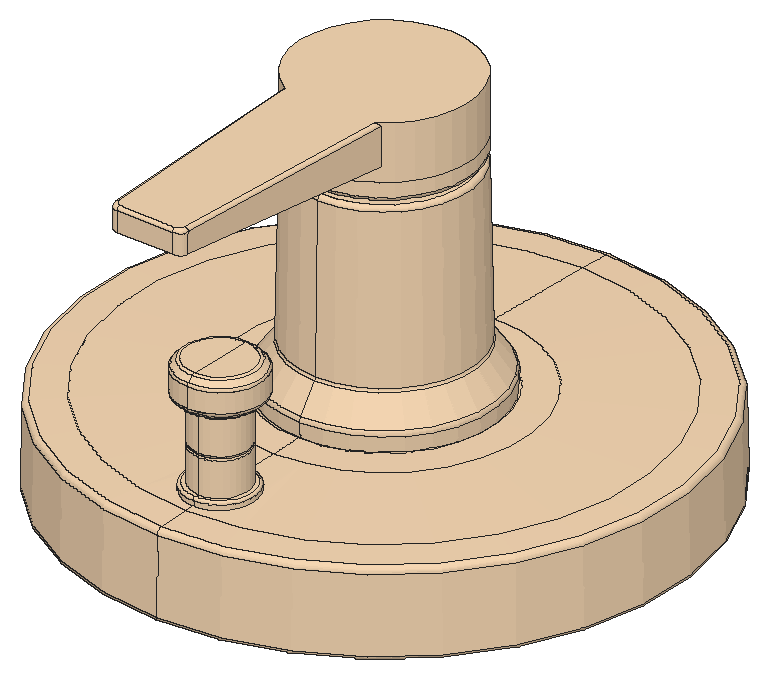
Revit family "Shower-Valve_Trim-KOHLER-Pitch-K-T49988_1", category Specialty Equipment, host Face, Revit 2021
Family settings
  Host = Face
  Round Connector Dimension = Use Diameter
  Part Type = Normal
  OmniClass Number = 23.31.25.00
  OmniClass Title = Toilet and Bath Specialties
  Cut with Voids When Loaded = No
  Shared = No
  Room Calculation Point = No
Parameters (values of type "2MB-Vibrant Brushed Moderne Brass")
  Width = 6 3/8"  # constant formula
  WaterSense Certified = 1 = 0  # no
  URL = "https://www.us.kohler.com/us/"
  Type = 1
  Product Page URL = "http://www.us.kohler.com/us/catalog/productDetails.jsp?productNumber=T49988-4"
  Product Name = "Pitch"  # constant formula
  Product Documentation Link = "https://www.us.kohler.com/webassets/kpna/catalog/pdf/en/K-T49988-4_spec_US-CA_Kohler_en.pdf"
  Model = if(Type = 1, "K-T49988-4-2MB", if(Type = 2, "K-T49988-4-BL", if(Type = 3, "K-T49988-4-BN", if(Type = 4, "K-T49988-4-CP", "NA"))))  # "K-T49988-4-2MB"
  Material = "Premium Metal Construction"  # constant formula
  Master Format 2014 Name = "Toilet, Bath, and Laundry Accessories"  # constant formula
  Master Format 2014 = "10 28 00"  # constant formula
  Manufacturer Address = "444 Highland Dr, Kohler, WI 53044"  # constant formula
  Manufacturer = "Kohler Co."  # constant formula
  Length = 4 29/256"  # constant formula
  Height = 6 49/128"  # constant formula
  Handle Clearance = 3 45/128"  # constant formula
  Finish = Kohler-Metal-2MB-Vibrant_Brushed_Moderne_Brass
  Environmental Product Declaration = ""
  Description = "Rite Temp Trim With Diverter"  # constant formula
  Default Elevation = 42"
  Declare Label = ""
  Date Modified = "06/29/2023"  # constant formula
  Date Created = "06/29/2023"  # constant formula
  Copyright = "Copyright Kohler Co."  # constant formula
  Contact Us = "https://www.us.kohler.com/us/static/contact.jsp"
  Assembly Code = "C1030200"
  ADA Compliant = 1 = 0  # no
Types (5): name | Type | Model | Finish
  (no name) | 1 | "K-T49988-4-2MB" | Kohler-Metal-2MB-Vibrant_Brushed_Moderne_Brass
  2MB-Vibrant Brushed Moderne Brass | 1 | "K-T49988-4-2MB" | Kohler-Metal-2MB-Vibrant_Brushed_Moderne_Brass
  BL-Matte Black | 2 | "K-T49988-4-BL" | Kohler-Metal-BL-Matte_Black
  BN-Vibrant Brushed Nickel | 3 | "K-T49988-4-BN" | Kohler-Metal-BN-Vibrant_Brushed_Nickel
  CP-Polished Chrome | 4 | "K-T49988-4-CP" | Kohler-Metal-CP-Polished_Chrome
Reference planes (in)
  plane 1 "Center (Front/Back)": y = 0
  plane 2: z = 0
  plane 3 "Center (Left/Right)": x = 0
  plane 4: z = 4.11328
  plane 5: y = 3.19075
  plane 6: y = 1.18802
  plane 7: y = -1.18802
  plane 8: y = -1.84689
  plane 9: y = -2.3
  plane 10: y = -2.75311
  plane 11: y = -3.19206
  plane 12: z = 2.25518
  plane 13: y = -3.35156
  plane 14: x = 3.18726
  plane 15: x = -3.18774
  plane 16: x = -0.96195
  plane 17: x = 0.96195
  plane 18: z = 0.96384
Dimensions and locks (in)
  plane 6 to plane 7 = 2.37604"
  "Handle Clearance": plane 1 "Center (Front/Back)" to plane 13
  "Width": plane 15 to plane 14
  "Height": plane 11 to plane 5
  "Length": plane 4 to level
  plane 17 to plane 16 = 1.92389"
  plane 18 to level = 0.96384"
  aligned and locked: plane 2 to host face
  aligned and locked: level to host face
  aligned and locked: plane 3 "Center (Left/Right)" to nested 1
  aligned and locked: plane 1 "Center (Front/Back)" to nested 1
Automatic sketch dimensions
  host sketch curve to host sketch curve = 96"  (x2)
Nested families (in)
  nested 1: "K-T49988" at (0, 0, 0), type "K-T49988"
Definition of nested family "K-T49988"
  Parameters
    Material = none
    Default Elevation = 0"
  Reference planes (in)
    plane 1 "Center (Front/Back)": y = 0
    plane 2: z = 0
    plane 3 "Center (Left/Right)": x = 0
    plane 4: z = 4.11456
    plane 5: y = 3.19075
    plane 6: y = -2.3
    plane 7: x = 3.18726
    plane 8: x = -3.18726
    plane 9: y = -1.84689
    plane 10: y = -2.75311
    plane 11: y = 1.18802
    plane 12: y = -1.18802
    plane 13: x = -0.96195
    plane 14: x = 0.96195
    plane 15: z = 2.25518
    plane 16: y = -3.35228
    plane 17: y = -3.19075
    plane 18: z = 0.96384
  Forms (in)
    Revolve 1, solid, material <- "Material", detail levels medium+fine
      sketch origin (0, 0, 0) x (0, 1, 0) y (0, 0, 1)
        loop
          arc (3.17715, 0.84931) -> (3.1583, 0.89426) -> (3.11366, 0.91381) r 0.06561
          arc (3.11366, 0.91381) -> (2.94417, 0.91966) -> (2.77471, 0.92628) r 36.90279
          arc (2.77471, 0.92628) -> (2.16006, 0.94732) -> (1.54518, 0.95951) r 42.80413
          arc (1.54518, 0.95951) -> (1.37453, 0.96148) -> (1.20388, 0.96306) r 75.45229
          arc (1.20388, 0.96306) -> (1.18157, 0.95553) -> (1.1687, 0.9358) r 0.03596
          line (1.1687, 0.9358) -> (1.07595, 0.56382) -> (0, 0.56382) -> (0, 0) -> (3.16037, 0)
          arc (3.16037, 0) -> (3.182, 0.00907) -> (3.19071, 0.03085) r 0.03035
          line (3.19071, 0.03085) -> (3.17715, 0.84931)
        axis (0, 0.96306) -> (0, 0)
      angle from 0 to 360
    Revolve 2, solid, material <- "Material", detail levels medium+fine
      sketch origin (0, 0, 0) x (0, 1, 0) y (0, 0, 1)
        loop
          line (0.95889, 1.46944) -> (0.92826, 3.2243)
          arc (0.92826, 3.2243) -> (0.91356, 3.25851) -> (0.87909, 3.27262) r 0.04918
          line (0.87909, 3.27262) -> (0, 3.27262) -> (0, 0.86084) -> (1.17059, 0.86084) -> (1.18359, 1.10901)
          arc (1.18359, 1.10901) -> (1.18016, 1.13799) -> (1.16726, 1.16416) r 0.08616
          line (1.16726, 1.16416) -> (0.97036, 1.43518)
          arc (0.97036, 1.43518) -> (0.96199, 1.45143) -> (0.95889, 1.46944) r 0.06008
        loop
          line (0.92557, 3.36965) -> (0.92557, 3.52323) -> (0, 3.52323) -> (0, 3.33221) -> (0.88813, 3.33221)
          arc (0.88813, 3.33221) -> (0.91461, 3.34318) -> (0.92557, 3.36965) r 0.03744
        axis (0, 0.86084) -> (0, 3.52323)
      angle from 0 to 360
    Revolve 3, solid, material <- "Material", detail levels medium+fine
      sketch origin (0, 0, 0) x (0, 1, 0) y (0, 0, 1)
        loop
          arc (-1.92458, 0.98408) -> (-1.9325, 1.00319) -> (-1.9516, 1.0111) r 0.02702
          line (-1.9516, 1.0111) -> (-1.99925, 1.0111) -> (-1.99925, 1.3829)
          arc (-1.99925, 1.3829) -> (-2.00502, 1.39736) -> (-2.01915, 1.4039) r 0.02103
          arc (-2.01915, 1.4039) -> (-2.00508, 1.40972) -> (-1.99925, 1.42379) r 0.01989
          line (-1.99925, 1.42379) -> (-1.99925, 1.83028)
          arc (-1.99925, 1.83028) -> (-1.99079, 1.85072) -> (-1.97034, 1.85919) r 0.02892
          line (-1.97034, 1.85919) -> (-1.92403, 1.85919)
          arc (-1.92403, 1.85919) -> (-1.90873, 1.86224) -> (-1.89575, 1.87091) r 0.03999
          line (-1.89575, 1.87091) -> (-1.8616, 1.90506)
          arc (-1.8616, 1.90506) -> (-1.85061, 1.9215) -> (-1.84675, 1.94089) r 0.05067
          line (-1.84675, 1.94089) -> (-1.84675, 2.15721)
          arc (-1.84675, 2.15721) -> (-1.85019, 2.17448) -> (-1.85998, 2.18913) r 0.04514
          line (-1.85998, 2.18913) -> (-1.91223, 2.24138)
          arc (-1.91223, 2.24138) -> (-1.92701, 2.25125) -> (-1.94444, 2.25472) r 0.04555
          line (-1.94444, 2.25472) -> (-2.3, 2.25472) -> (-2.3, 0.81425) -> (-1.92458, 0.81425) -> (-1.92458, 0.98408)
        axis (-2.3, 0.81425) -> (-2.3, 2.25472)
      angle from 0 to 360
    Extrusion 4, solid, material <- "Material", detail levels medium+fine
      sketch origin (0, 0, 0) x (1, 0, 0) y (0, 1, 0)
        loop
          circle (0, 0) r 0.92557
      from 3.52323 to 4.1154
    Sweep 5, solid, material <- "Material", detail levels medium+fine
      path origin (0, 0, 0) x (1, 0, 0) y (0, 1, 0)
        loop
          line (-0.53438, -0.44246) -> (-0.4082, -3.25826)
          arc (-0.4082, -3.25826) -> (-0.37789, -3.32499) -> (-0.30987, -3.35228) r 0.09843
          line (-0.30987, -3.35228) -> (0.31022, -3.35228)
          arc (0.31022, -3.35228) -> (0.37782, -3.32539) -> (0.40849, -3.25942) r 0.09843
          line (0.40849, -3.25942) -> (0.56808, -0.44246)
      profile origin (0.00017, -3.35228, 0) x (0, -1, 0) y (0, 0, 1)
        loop
          arc (0, 4.07818) -> (-0.0109, 4.1045) -> (-0.03723, 4.1154) r 0.03723
          line (-0.03723, 4.1154) -> (-0.06812, 4.1154) -> (-0.06812, 3.65267) -> (0, 3.65267) -> (0, 4.07818)
    Sweep 6, void
      path origin (0, 0, 0) x (0, 1, 0) y (0, 0, 1)
        loop
          line (-4.00661, 3.90833) -> (0.3241, 3.6055)
      profile origin (0, -1.84125, 3.75691) x (0, 0.069756, 0.997564) y (1, 0, 0)
        loop
          line (-0.28134, -0.55601) -> (0, -0.55601) -> (0, 0.55601) -> (-0.28134, 0.55601) -> (-0.28134, -0.55601)
    Extrusion 7, solid, material <- "Material", detail levels medium+fine
      sketch origin (0, 0, 0) x (1, 0, 0) y (0, 1, 0)
        loop
          arc (0.31022, -3.28416) -> (0.33103, -3.27588) -> (0.34048, -3.25557) r 0.03031
          line (0.34048, -3.25557) -> (0.50007, -0.43861) -> (-0.46636, -0.43861) -> (-0.34015, -3.25521)
          arc (-0.34015, -3.25521) -> (-0.33082, -3.27576) -> (-0.30987, -3.28416) r 0.03031
          line (-0.30987, -3.28416) -> (0.31022, -3.28416)
      from 3.65267 to 4.1154
    Revolve 8, solid, detail levels medium+fine
      sketch origin (0, 0, 0) x (0, 1, 0) y (0, 0, 1)
        loop
          line (0.405, 3.31067) -> (0, 3.31067) -> (0, 3.27067) -> (0.405, 3.27067) -> (0.405, 3.31067)
        axis (0, 3.27067) -> (0, 3.31067)
      angle from 0 to 360
    Extrusion 9, solid, material <- "Material", detail levels medium+fine
      sketch origin (0, 0, 0) x (1, 0, 0) y (0, 1, 0)
        loop
          arc (0.30488, 0.20005) -> (0.27475, 0.2728) -> (0.202, 0.30293) r 0.10287
          line (0.202, 0.30293) -> (-0.20012, 0.30293)
          arc (-0.20012, 0.30293) -> (-0.27348, 0.27254) -> (-0.30387, 0.19918) r 0.10375
          line (-0.30387, 0.19918) -> (-0.30387, -0.19648)
          arc (-0.30387, -0.19648) -> (-0.27234, -0.27259) -> (-0.19622, -0.30412) r 0.10764
          line (-0.19622, -0.30412) -> (0.19413, -0.30412)
          arc (0.19413, -0.30412) -> (0.27244, -0.27168) -> (0.30488, -0.19338) r 0.11074
          line (0.30488, -0.19338) -> (0.30488, 0.20005)
      from 3.31067 to 3.4014
    Extrusion 10, solid, material <- "Material", detail levels coarse
      sketch origin (0, 0, 0) x (1, 0, 0) y (0, 1, 0)
        loop
          circle (0, 0) r 3.18726
      from 0 to 0.97279
    Revolve 11, solid, material <- "Material", detail levels coarse
      sketch origin (0, 0, 0) x (0, 1, 0) y (0, 0, 1)
        loop
          line (0.00135, 4.1154) -> (0.00135, 0.97279) -> (1.21783, 0.97279) -> (1.21783, 1.21236) -> (1.02098, 1.7532) -> (1.02098, 4.1154) -> (0.00135, 4.1154)
        axis (0.00135, 0.97279) -> (0.00135, 4.1154)
      angle from 0 to 360
    Extrusion 12, solid, material <- "Material", detail levels coarse
      sketch origin (0, 0, 0) x (1, 0, 0) y (0, 1, 0)
        loop
          line (0.40323, -3.35228) -> (0.55102, -0.74368) -> (-0.52088, -0.74368) -> (-0.40399, -3.35228) -> (0.40323, -3.35228)
      from 3.6703 to 4.1154
    Revolve 13, solid, material <- "Material", detail levels coarse
      sketch origin (0, 0, 0) x (0, 1, 0) y (0, 0, 1)
        loop
          line (-2.3, 0.97279) -> (-1.83536, 0.97279) -> (-1.83536, 2.25575) -> (-2.3, 2.25575) -> (-2.3, 0.97279)
        axis (-2.3, 0.97279) -> (-2.3, 2.25575)
      angle from 0 to 360
    Revolve 14, void
      sketch origin (0, 0, 0) x (0, 1, 0) y (0, 0, 1)
        loop
          line (-1.91843, 0.98408) -> (-2.3, 0.98408) -> (-2.3, 0.81425) -> (-1.91843, 0.81425) -> (-1.91843, 0.98408)
        axis (-2.3, 0.81425) -> (-2.3, 0.98408)
      angle from 0 to 360
  Cuts and joins
    Sweep 6 cuts Sweep 5
    Sweep 6 cuts Extrusion 7
    joined: Revolve 2, Extrusion 4, Sweep 5, Extrusion 7
    joined: Extrusion 10, Revolve 11, Extrusion 12, Revolve 13
    Revolve 14 cuts Revolve 1
  Lines and regions (in)
    Masking region 1
      outline origin (0, 0, 0) x (1, 0, 0) y (0, 0, 1)
        loop
          arc (-3.1062, 0.91796) -> (-3.15595, 0.89556) -> (-3.17676, 0.84513) r 0.07389
          line (-3.17676, 0.84513) -> (-3.18748, 0.03795)
          arc (-3.18748, 0.03795) -> (-3.17668, 0.01115) -> (-3.15002, 0) r 0.03745
          line (-3.15002, 0) -> (3.15002, 0)
          arc (3.15002, 0) -> (3.17668, 0.01115) -> (3.18748, 0.03795) r 0.03745
          line (3.18748, 0.03795) -> (3.17676, 0.84513)
          arc (3.17676, 0.84513) -> (3.15595, 0.89556) -> (3.1062, 0.91796) r 0.07389
          arc (3.1062, 0.91796) -> (2.14153, 0.95178) -> (1.17638, 0.96644) r 48.64321
          line (1.17638, 0.96644) -> (1.1846, 1.1011)
          arc (1.1846, 1.1011) -> (1.18008, 1.14072) -> (1.16228, 1.17642) r 0.11486
          line (1.16228, 1.17642) -> (0.97574, 1.42849)
          arc (0.97574, 1.42849) -> (0.96353, 1.45181) -> (0.95902, 1.47774) r 0.08529
          line (0.95902, 1.47774) -> (0.92859, 3.22086)
          arc (0.92859, 3.22086) -> (0.91293, 3.25733) -> (0.87619, 3.27236) r 0.05241
          line (0.87619, 3.27236) -> (0.40563, 3.27236) -> (0.40563, 3.31067) -> (0.30447, 3.31067) -> (0.33055, 3.33254) -> (0.8842, 3.33254)
          arc (0.8842, 3.33254) -> (0.91371, 3.34477) -> (0.92594, 3.37429) r 0.04174
          line (0.92594, 3.37429) -> (0.92594, 4.09129)
          arc (0.92594, 4.09129) -> (0.91912, 4.10775) -> (0.90267, 4.11456) r 0.02327
          line (0.90267, 4.11456) -> (-0.90027, 4.11456)
          arc (-0.90027, 4.11456) -> (-0.91842, 4.10705) -> (-0.92594, 4.0889) r 0.02566
          line (-0.92594, 4.0889) -> (-0.92594, 3.37429)
          arc (-0.92594, 3.37429) -> (-0.91371, 3.34477) -> (-0.8842, 3.33254) r 0.04174
          line (-0.8842, 3.33254) -> (-0.33055, 3.33254) -> (-0.30447, 3.31067) -> (-0.40563, 3.31067) -> (-0.40563, 3.27236) -> (-0.87619, 3.27236)
          arc (-0.87619, 3.27236) -> (-0.91293, 3.25733) -> (-0.92859, 3.22086) r 0.05241
          line (-0.92859, 3.22086) -> (-0.95902, 1.47774)
          arc (-0.95902, 1.47774) -> (-0.96353, 1.45181) -> (-0.97574, 1.42849) r 0.08529
          line (-0.97574, 1.42849) -> (-1.16228, 1.17642)
          arc (-1.16228, 1.17642) -> (-1.18008, 1.14072) -> (-1.1846, 1.1011) r 0.11486
          line (-1.1846, 1.1011) -> (-1.17638, 0.96644)
          arc (-1.17638, 0.96644) -> (-2.14153, 0.95178) -> (-3.1062, 0.91796) r 48.64321
    Masking region 2
      outline origin (0, 0, 0) x (0, 1, 0) y (0, 0, 1)
        loop
          arc (0.92557, 4.07519) -> (0.91404, 4.10303) -> (0.8862, 4.11456) r 0.03937
          line (0.8862, 4.11456) -> (-3.31445, 4.11456)
          arc (-3.31445, 4.11456) -> (-3.3412, 4.10348) -> (-3.35228, 4.07673) r 0.03784
          line (-3.35228, 4.07673) -> (-3.35228, 3.90868)
          arc (-3.35228, 3.90868) -> (-3.339, 3.87496) -> (-3.30629, 3.85936) r 0.04945
          line (-3.30629, 3.85936) -> (-1.10869, 3.70569)
          arc (-1.10869, 3.70569) -> (-0.97846, 3.64357) -> (-0.92557, 3.50932) r 0.19685
          line (-0.92557, 3.50932) -> (-0.92557, 3.36681)
          arc (-0.92557, 3.36681) -> (-0.91546, 3.34239) -> (-0.89104, 3.33228) r 0.03453
          line (-0.89104, 3.33228) -> (-0.34035, 3.33228) -> (-0.30293, 3.31067) -> (-0.405, 3.31067) -> (-0.405, 3.27241) -> (-0.87909, 3.27241)
          arc (-0.87909, 3.27241) -> (-0.91549, 3.25752) -> (-0.93101, 3.22139) r 0.05193
          line (-0.93101, 3.22139) -> (-0.96157, 1.4707)
          arc (-0.96157, 1.4707) -> (-0.9656, 1.44785) -> (-0.97649, 1.42737) r 0.07415
          line (-0.97649, 1.42737) -> (-1.16238, 1.18068)
          arc (-1.16238, 1.18068) -> (-1.18296, 1.1394) -> (-1.18738, 1.09349) r 0.12655
          line (-1.18738, 1.09349) -> (-1.17584, 0.96151)
          arc (-1.17584, 0.96151) -> (-1.54932, 0.95971) -> (-1.92276, 0.95423) r 37.89133
          line (-1.92276, 0.95423) -> (-1.92276, 0.98628)
          arc (-1.92276, 0.98628) -> (-1.93003, 1.00383) -> (-1.94758, 1.0111) r 0.02482
          line (-1.94758, 1.0111) -> (-1.99925, 1.0111) -> (-1.99925, 1.38275)
          arc (-1.99925, 1.38275) -> (-2.00545, 1.3977) -> (-2.02041, 1.4039) r 0.02115
          arc (-2.02041, 1.4039) -> (-2.00555, 1.40908) -> (-1.99925, 1.4235) r 0.01966
          line (-1.99925, 1.4235) -> (-1.99925, 1.8284)
          arc (-1.99925, 1.8284) -> (-1.9903, 1.85001) -> (-1.96869, 1.85896) r 0.03056
          line (-1.96869, 1.85896) -> (-1.92763, 1.85896)
          arc (-1.92763, 1.85896) -> (-1.90918, 1.86263) -> (-1.89354, 1.87308) r 0.04822
          line (-1.89354, 1.87308) -> (-1.86162, 1.905)
          arc (-1.86162, 1.905) -> (-1.85072, 1.92132) -> (-1.84689, 1.94057) r 0.05031
          line (-1.84689, 1.94057) -> (-1.84689, 2.15619)
          arc (-1.84689, 2.15619) -> (-1.85057, 2.17472) -> (-1.86107, 2.19043) r 0.04842
          line (-1.86107, 2.19043) -> (-1.91071, 2.24008)
          arc (-1.91071, 2.24008) -> (-1.92745, 2.25126) -> (-1.94718, 2.25518) r 0.05158
          line (-1.94718, 2.25518) -> (-2.65282, 2.25518)
          arc (-2.65282, 2.25518) -> (-2.67255, 2.25126) -> (-2.68929, 2.24008) r 0.05158
          line (-2.68929, 2.24008) -> (-2.73893, 2.19043)
          arc (-2.73893, 2.19043) -> (-2.74943, 2.17472) -> (-2.75311, 2.15619) r 0.04842
          line (-2.75311, 2.15619) -> (-2.75311, 1.94057)
          arc (-2.75311, 1.94057) -> (-2.74928, 1.92132) -> (-2.73838, 1.905) r 0.05031
          line (-2.73838, 1.905) -> (-2.70646, 1.87308)
          arc (-2.70646, 1.87308) -> (-2.69082, 1.86263) -> (-2.67237, 1.85896) r 0.04822
          line (-2.67237, 1.85896) -> (-2.63131, 1.85896)
          arc (-2.63131, 1.85896) -> (-2.6097, 1.85001) -> (-2.60075, 1.8284) r 0.03056
          line (-2.60075, 1.8284) -> (-2.60075, 1.4235)
          arc (-2.60075, 1.4235) -> (-2.59445, 1.40908) -> (-2.57959, 1.4039) r 0.01966
          arc (-2.57959, 1.4039) -> (-2.59455, 1.3977) -> (-2.60075, 1.38275) r 0.02115
          line (-2.60075, 1.38275) -> (-2.60075, 1.0111) -> (-2.65242, 1.0111)
          arc (-2.65242, 1.0111) -> (-2.66997, 1.00383) -> (-2.67724, 0.98628) r 0.02482
          line (-2.67724, 0.98628) -> (-2.67724, 0.93059) -> (-3.11292, 0.91537)
          arc (-3.11292, 0.91537) -> (-3.15924, 0.89498) -> (-3.17877, 0.84829) r 0.06825
          line (-3.17877, 0.84829) -> (-3.19214, 0.03078)
          arc (-3.19214, 0.03078) -> (-3.18345, 0.00905) -> (-3.16186, 0) r 0.03029
          line (-3.16186, 0) -> (3.16646, 0)
          arc (3.16646, 0) -> (3.18392, 0.00731) -> (3.19095, 0.02488) r 0.0245
          line (3.19095, 0.02488) -> (3.17818, 0.83954)
          arc (3.17818, 0.83954) -> (3.15599, 0.89324) -> (3.1031, 0.9173) r 0.0791
          arc (3.1031, 0.9173) -> (2.13998, 0.95397) -> (1.17624, 0.96613) r 37.89133
          line (1.17624, 0.96613) -> (1.18738, 1.09349)
          arc (1.18738, 1.09349) -> (1.18296, 1.1394) -> (1.16238, 1.18068) r 0.12655
          line (1.16238, 1.18068) -> (0.97649, 1.42737)
          arc (0.97649, 1.42737) -> (0.9656, 1.44785) -> (0.96157, 1.4707) r 0.07415
          line (0.96157, 1.4707) -> (0.93101, 3.22139)
          arc (0.93101, 3.22139) -> (0.91549, 3.25752) -> (0.87909, 3.27241) r 0.05193
          line (0.87909, 3.27241) -> (0.405, 3.27241) -> (0.405, 3.31067) -> (0.30293, 3.31067) -> (0.34035, 3.33228) -> (0.89104, 3.33228)
          arc (0.89104, 3.33228) -> (0.91546, 3.34239) -> (0.92557, 3.36681) r 0.03453
          line (0.92557, 3.36681) -> (0.92557, 4.07519)
    Masking region 3
      outline origin (0, 0, 0) x (1, 0, 0) y (0, 1, 0)
        loop
          arc (0.41411, -3.16025) -> (-0.00077, 3.18726) -> (-0.41258, -3.16044) r 3.18726
          line (-0.41258, -3.16044) -> (-0.4082, -3.25826)
          arc (-0.4082, -3.25826) -> (-0.37789, -3.32499) -> (-0.30987, -3.35228) r 0.09843
          line (-0.30987, -3.35228) -> (0.31022, -3.35228)
          arc (0.31022, -3.35228) -> (0.37782, -3.32539) -> (0.40849, -3.25942) r 0.09843
          line (0.40849, -3.25942) -> (0.41411, -3.16025)
    symbolic lines, detail levels medium+fine
      curve 1: line (0, 0.34035, 3.33228) -> (0, -0.34035, 3.33228)
      curve 2: line (0, 0.30293, 3.31067) -> (0, -0.30293, 3.31067)
      curve 3: line (0, 0.405, 3.27241) -> (0, -0.405, 3.27241)
      curve 4: line (0, 1.17624, 0.96613) -> (0, -1.17584, 0.96151)
      curve 5: line (0, -1.92276, 0.95423) -> (0, -2.67724, 0.93059)
      curve 6: line (0, -2.60075, 1.0111) -> (0, -1.99925, 1.0111)
      curve 7: line (0, -2.02041, 1.4039) -> (0, -2.57959, 1.4039)
      curve 8: line (0, -1.96869, 1.85896) -> (0, -2.63131, 1.85896)
      curve 9: line (0, -3.35228, 3.90868) -> (0, -0.90142, 3.7991)
      curve 10: line (0, 0.96157, 1.4707) -> (0, -0.96157, 1.4707)
      curve 11: line (0, 1.16238, 1.18068) -> (0, -1.16238, 1.18068)
      curve 12: line (0, -1.86107, 2.19043) -> (0, -2.73893, 2.19043)
      curve 13: line (0, -1.86162, 1.905) -> (0, -2.73838, 1.905)
      curve 14: line (0, -3.11292, 0.91537) -> (0, 3.1031, 0.9173)
      curve 15: line (0, 3.17818, 0.83954) -> (0, -3.17891, 0.83954)
      curve 16: line (-3.1062, 0, 0.91796) -> (3.1062, 0, 0.91796)
      curve 17: line (3.17676, 0, 0.84513) -> (-3.17676, 0, 0.84513)
      curve 18: line (-1.17638, 0, 0.96644) -> (1.17638, 0, 0.96644)
      curve 19: line (-1.16228, 0, 1.17642) -> (1.16228, 0, 1.17642)
      curve 20: line (-0.95902, 0, 1.47774) -> (0.95902, 0, 1.47774)
      curve 21: line (-0.33055, 0, 3.33254) -> (0.33055, 0, 3.33254)
      curve 22: line (-0.30447, 0, 3.31067) -> (0.30488, 0, 3.31067)
      curve 23: line (0.40563, 0, 3.27236) -> (-0.40563, 0, 3.27236)
      curve 24: line (0, -0.77094, 4.1154) -> (0, -0.77094, 3.72215)
      curve 25: line (0, -0.77094, 3.72215) -> (0, -0.9324, 3.5607)
      curve 26: line (0, -0.90142, 4.11456) -> (0, -0.90142, 3.7991)
      curve 27: line (0, -0.90142, 3.7991) -> (0, -1.10869, 3.70569)
      curve 28: line (0, -0.77094, 3.72215) -> (0, -0.90142, 3.7991)
      curve 29: line (0, -3.31445, 4.11456) -> (0, -3.30629, 3.85936)
      curve 30: arc (-0.50692, -1.05513, 0) -> (-0.01519, 1.17049, 0) -> (0.53414, -1.04162, 0) r 1.17059
      curve 31: arc (0.57839, -0.7226, 0) -> (-0.01789, 0.9254, 0) -> (-0.55004, -0.74441, 0) r 0.92557
      curve 32: arc (-0.51808, -0.80609, 0) -> (-0.01839, 0.95805, 0) -> (0.54864, -0.78561, 0) r 0.95822
      curve 33: line (-0.41258, -3.16044, 0) -> (-0.51817, -0.80421, 0)
      curve 34: line (0.41411, -3.16025, 0) -> (0.54898, -0.77962, 0)
      curve 35: arc (-0.55004, -0.74441, 0) -> (-0.52734, -0.77071, 0) -> (-0.51817, -0.80421, 0) r 0.07874
      curve 36: arc (-0.50353, -1.13094, 0) -> (-0.01443, 1.23788, 0) -> (0.52976, -1.11889, 0) r 1.23796
      curve 37: arc (0.54898, -0.77962, 0) -> (0.55761, -0.74798, 0) -> (0.57839, -0.7226, 0) r 0.07874
      curve 38: arc (-0.41682, -3.06578, 0) -> (-0.00134, 3.09399, 0) -> (0.41948, -3.06542, 0) r 3.09399
  Dimensions and locks (in)
    plane 4 to level = 4.11456"
    plane 1 "Center (Front/Back)" to plane 17 = 3.19075"
    aligned and locked: plane 2 to level
